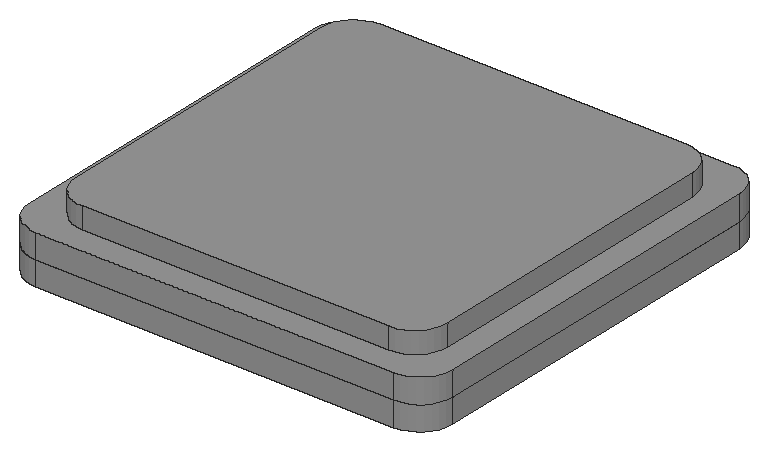
Revit family "FMS2_63_UN_Surface-mounted_ETK", category Lighting Fixtures, Revit 2019 (continued)
Definition of nested family "FMS.2 - Lightsource"
  Types (14, lengths in mm): name | Wattage Comments | Wattage | built-in parameter 1150134 | Photometric Web File | built-in parameter 1150142 | built-in parameter 1150105 | Lumens | built-in parameter 1150107 | built-in parameter 1150106 | Apparent Load
      94\t576.1206\t568.9656\t562.0968\t554.9418\t548.073\t541.2042\t534.0492\t527.1804\t519.1668\r\n511.4394\t503.9982\t496.2708\t488.5434\t480.816\t473.0886\t465.3612\t457.6338\t449.9064\t442.179\r\n434.4516\t426.7242\t418.9968\t411.2694\t403.542\t395.8146\t388.0872\t380.3598\t372.3462\t364.3326\r\n356.319\t348.3054\t340.2918\t332.5644\t324.5508\t316.5372\t308.5236\t300.7962\t292.7826\t284.8835\r\n276.9844\t269.0852\t261.1861\t253.3156\t245.4451\t237.5746\t230.391\t223.236\t216.081\t208.9546\r\n201.8282\t194.7019\t187.6041\t180.4777\t173.38\t166.2822\t159.1844\t152.1153\t145.0175\t137.9484\r\n130.9079\t123.8387\t116.7982\t107.6112\t94.7036\t81.796\t68.8597\t55.9521\t43.0445\t30.1369\r\n17.2264\t4.3159\t0\t0\t0\t0\t0\t0\t0\t0\r\n0\r\n985.1004\t983.9556\t982.5246\t981.666\t980.5212\t979.9488\t979.0902\t978.2316\t977.6592\t977.0868\r\n976.2282\t975.3696\t973.9386\t972.7938\t971.649\t970.5042\t969.3594\t968.2146\t967.0698\t965.6388\r\n964.494\t963.063\t961.632\t960.4872\t959.3424\t957.0528\t954.1908\t951.3288\t948.4668\t945.3186\r\n941.8842\t938.736\t935.5878\t932.7258\t929.8638\t927.0018\t923.8536\t920.7054\t917.271\t913.8366\r\n910.6884\t907.5402\t904.6782\t901.2438\t897.8094\t894.375\t890.6544\t887.5062\t884.0718\t879.4926\r\n875.1996\t870.3342\t865.4688\t860.8896\t856.0242\t850.8726\t846.0072\t841.1418\t836.2764\t831.411\r\n826.8318\t821.9664\t817.101\t812.2356\t807.3702\t802.2186\t797.3532\t792.4878\t787.6224\t782.757\r\n777.8916\t772.1676\t766.1574\t759.861\t753.5646\t747.5544\t741.258\t734.9616\t728.6652\t722.655\r\n716.3586\t710.0622\t703.7658\t697.4694\t690.8868\t684.5904\t678.294\t671.9976\t665.9874\t659.9772\r\n653.6808\t647.6706\t640.8018\t633.3606\t626.2056\t619.0506\t611.8956\t604.7406\t597.5856\t590.4306\r\n583.2756\t576.1206\t568.9656\t561.8106\t554.6556\t547.5006\t540.3456\t533.1906\t526.3218\t519.1668\r\n512.0118\t505.143\t497.4156\t489.6882\t481.9608\t474.2334\t466.2198\t458.4924\t450.4788\t442.7514\r\n435.024\t427.0104\t419.283\t411.2694\t403.542\t395.8146\t387.801\t380.0736\t372.3462\t364.6188\r\n356.8914\t348.8778\t340.8642\t332.8506\t324.837\t316.8234\t309.096\t301.0824\t293.355\t285.3986\r\n277.5281\t269.6863\t261.8444\t254.0311\t246.1892\t238.376\t230.5913\t222.9212\t215.852\t208.7543\r\n201.7138\t194.6446\t187.6041\t180.5636\t173.5517\t166.5398\t159.5279\t152.5446\t145.5613\t138.578\r\n131.6234\t124.6401\t117.7141\t110.7594\t101.1717\t88.2068\t75.242\t62.2771\t49.3123\t36.3474\r\n23.3682\t10.3976\t0\t0\t0\t0\t0\t0\t0\t0\r\n0\r\n985.1004\t983.9556\t982.5246\t981.666\t980.8074\t980.235\t979.3764\t978.804\t978.2316\t977.373\r\n976.5144\t975.0834\t973.9386\t972.7938\t971.649\t970.5042\t969.3594\t967.9284\t966.7836\t965.3526\r\n964.2078\t962.7768\t961.632\t960.201\t958.77\t957.339\t955.0494\t951.615\t948.4668\t945.6048\r\n943.029\t940.4532\t937.305\t933.8706\t930.7224\t927.288\t924.1398\t920.9916\t917.8434\t914.409\r\n910.9746\t907.5402\t904.1058\t900.6714\t897.237\t893.8026\t890.3682\t886.9338\t883.2132\t879.2064\r\n875.1996\t871.1928\t866.6136\t861.7482\t857.169\t852.3036\t847.4382\t842.5728\t837.4212\t832.2696\r\n827.118\t821.9664\t817.101\t811.9494\t807.084\t801.9324\t796.7808\t791.6292\t786.4776\t781.326\r\n776.4606\t771.309\t766.1574\t760.7196\t755.568\t748.9854\t742.689\t736.3926\t729.81\t723.5136\r\n717.2172\t710.9208\t704.6244\t698.0418\t691.4592\t684.8766\t678.5802\t671.9976\t665.415\t659.1186\r\n652.536\t645.9534\t639.3708\t633.0744\t626.4918\t620.1954\t613.3266\t606.4578\t599.3028\t591.8616\r\n584.4204\t577.2654\t569.8242\t562.383\t554.9418\t547.7868\t540.3456\t532.9044\t525.7494\t518.5944\r\n511.4394\t504.2844\t497.1294\t489.6882\t482.5332\t475.092\t467.0784\t459.0648\t451.3374\t443.3238\r\n435.5964\t427.5828\t419.8554\t411.8418\t404.1144\t396.1008\t388.3734\t380.646\t372.6324\t364.905\r\n357.1776\t349.164\t341.4366\t333.423\t325.6956\t317.682\t309.6684\t301.6548\t293.9274\t286.0283\r\n278.1292\t270.2873\t262.4454\t254.6321\t246.8475\t239.0629\t231.3068\t223.5508\t215.8234\t208.2105\r\n201.2272\t194.2439\t187.2893\t180.3632\t173.4372\t166.5398\t159.6424\t152.7736\t145.8761\t139.036\r\n132.1672\t125.327\t118.5154\t111.7039\t104.8923\t95.7053\t82.6259\t69.5752\t56.5245\t43.4738\r\n30.4231\t17.3781\t4.3273\t0\t0\t0\t0\t0\t0\t0\r\n0\r\n985.1004\t983.9556\t982.5246\t981.666\t981.0936\t980.5212\t979.6626\t979.0902\t978.5178\t977.6592\r\n976.5144\t975.0834\t973.9386\t972.7938\t971.649\t970.5042\t969.3594\t967.9284\t966.4974\t965.3526\r\n963.9216\t962.4906\t961.0596\t959.3424\t957.339\t955.3356\t953.6184\t952.1874\t951.0426\t948.1806\r\n944.7462\t941.598\t938.1636\t935.0154\t931.8672\t928.719\t925.2846\t921.8502\t918.1296\t914.6952\r\n910.9746\t907.5402\t904.1058\t900.6714\t896.9508\t892.944\t889.2234\t885.5028\t881.7822\t878.3478\r\n874.6272\t870.6204\t866.8998\t862.6068\t858.3138\t853.7346\t848.583\t843.7176\t838.566\t833.1282\r\n827.9766\t822.825\t817.6734\t812.5218\t807.6564\t801.9324\t796.4946\t791.0568\t785.619\t780.1812\r\n775.0296\t769.5918\t764.4402\t759.2886\t753.8508\t748.413\t742.689\t737.2512\t731.8134\t726.0894\r\n719.5068\t712.9242\t706.3416\t699.4728\t692.8902\t686.3076\t679.4388\t672.8562\t666.2736\t659.691\r\n652.8222\t646.2396\t639.3708\t632.502\t625.9194\t619.0506\t612.468\t606.1716\t599.3028\t592.7202\r\n585.8514\t578.124\t570.6828\t563.2416\t555.8004\t548.3592\t540.918\t533.4768\t526.3218\t518.8806\r\n511.4394\t503.9982\t496.557\t489.402\t481.9608\t474.5196\t467.0784\t459.9234\t452.4822\t445.041\r\n437.0274\t429.0138\t421.0002\t412.9866\t404.973\t396.9594\t388.9458\t380.9322\t373.2048\t365.1912\r\n357.4638\t349.4502\t341.4366\t333.7092\t325.6956\t317.9682\t309.9546\t301.941\t294.2136\t286.2\r\n278.4154\t270.6021\t262.7888\t255.0328\t247.2768\t239.5494\t231.8506\t224.1805\t216.5103\t208.8688\r\n201.2558\t193.6429\t186.7169\t179.9053\t173.0938\t166.3108\t159.5565\t152.8022\t146.0479\t139.3222\r\n132.6251\t125.928\t119.2309\t112.5625\t105.9226\t99.2828\t91.2406\t78.0467\t64.8529\t51.6877\r\n38.4939\t25.3144\t12.1292\t0\t0\t0\t0\t0\t0\t0\r\n0\r\n985.1004\t983.9556\t982.8108\t981.666\t981.3798\t980.8074\t980.235\t979.6626\t979.0902\t977.6592\r\n976.5144\t975.3696\t974.2248\t973.08\t971.9352\t970.7904\t969.3594\t967.9284\t966.4974\t965.0664\r\n963.6354\t962.2044\t960.201\t957.9114\t956.1942\t955.0494\t953.6184\t951.9012\t949.6116\t947.6082\r\n945.6048\t943.3152\t940.167\t937.0188\t933.5844\t929.8638\t926.1432\t922.4226\t918.9882\t915.5538\r\n912.1194\t908.3988\t904.392\t900.9576\t897.237\t893.5164\t889.5096\t885.789\t881.7822\t877.4892\r\n873.1962\t869.1894\t865.1826\t860.8896\t856.5966\t852.3036\t848.0106\t844.0038\t839.997\t835.704\r\n830.2662\t824.5422\t819.1044\t813.3804\t807.9426\t802.5048\t797.3532\t791.9154\t786.4776\t781.0398\r\n775.3158\t769.878\t764.154\t758.7162\t752.9922\t747.2682\t741.5442\t735.8202\t730.0962\t724.3722\r\n718.6482\t712.9242\t707.2002\t701.4762\t695.7522\t688.5972\t681.4422\t674.2872\t667.4184\t660.8358\r\n654.2532\t647.3844\t640.5156\t633.3606\t626.4918\t619.3368\t612.468\t605.313\t598.4442\t591.5754\r\n584.7066\t577.8378\t570.6828\t563.814\t556.9452\t550.0764\t542.349\t534.9078\t527.4666\t519.7392\r\n512.298\t504.5706\t496.8432\t489.1158\t481.3884\t473.9472\t466.506\t459.0648\t451.6236\t444.1824\r\n436.7412\t429.3\t421.8588\t414.4176\t406.404\t398.1042\t390.0906\t382.077\t374.0634\t366.0498\r\n358.0362\t350.0226\t342.009\t333.9954\t325.9818\t318.2544\t310.2408\t302.5134\t294.4998\t286.7724\r\n278.9019\t271.0886\t263.304\t255.548\t247.8492\t240.1504\t232.4803\t224.8387\t217.1972\t209.6129\r\n202.0572\t194.5301\t187.0317\t179.5619\t172.3783\t165.7098\t159.0413\t152.4301\t145.8189\t139.2363\r\n132.6823\t126.157\t119.6316\t113.1349\t106.6381\t100.17\t93.7305\t87.291\t74.412\t61.0178\r\n47.6523\t34.2868\t20.9069\t7.5271\t0\t0\t0\t0\t0\t0\r\n0\r\n985.1004\t983.9556\t982.8108\t981.9522\t981.666\t981.0936\t980.5212\t980.235\t979.0902\t977.9454\r\n976.8006\t975.6558\t974.511\t973.3662\t972.2214\t971.0766\t969.6456\t968.2146\t966.7836\t965.3526\r\n963.3492\t961.3458\t959.3424\t957.9114\t956.4804\t954.7632\t952.7598\t950.4702\t948.4668\t946.4634\r\n944.46\t942.4566\t940.167\t937.305\t934.443\t931.2948\t927.8604\t924.7122\t920.9916\t917.271\r\n913.5504\t909.8298\t906.1092\t902.1024\t898.0956\t894.0888\t890.082\t885.789\t881.7822\t877.4892\r\n873.4824\t868.9032\t864.6102\t860.3172\t856.3104\t851.7312\t847.152\t842.5728\t837.9936\t833.1282\r\n828.549\t823.9698\t819.6768\t815.0976\t810.5184\t805.653\t799.929\t794.205\t788.1948\t782.4708\r\n776.7468\t771.0228\t765.0126\t759.2886\t752.9922\t746.982\t741.258\t735.2478\t729.5238\t723.2274\r\n717.2172\t711.207\t705.483\t699.759\t693.7488\t687.4524\t681.4422\t675.1458\t668.8494\t662.553\r\n656.2566\t649.674\t642.519\t635.364\t628.209\t621.054\t613.899\t606.744\t599.589\t592.7202\r\n585.5652\t578.124\t570.6828\t563.2416\t556.0866\t548.9316\t542.0628\t534.9078\t527.7528\t520.5978\r\n513.1566\t506.0016\t498.2742\t490.5468\t482.8194\t475.092\t467.3646\t459.351\t451.6236\t443.8962\r\n436.1688\t428.7276\t421.0002\t413.559\t405.8316\t398.1042\t390.663\t382.9356\t375.4944\t367.767\r\n359.4672\t351.1674\t343.1538\t335.1402\t326.8404\t318.8268\t310.8132\t302.7996\t295.0722\t287.0586\r\n279.1309\t271.3176\t263.533\t255.7769\t248.0782\t240.408\t232.7665\t225.1822\t217.6265\t210.128\r\n202.6582\t195.217\t187.8331\t180.4777\t173.151\t165.8529\t158.612\t151.8291\t145.361\t138.9501\r\n132.5392\t126.157\t119.8033\t113.4783\t107.1533\t100.8569\t94.5891\t88.3499\t82.1394\t71.8362\r\n58.1558\t44.5041\t30.8237\t17.1548\t3.4802\t0\t0\t0\t0\t0\r\n0\r\n985.1004\t983.9556\t982.8108\t982.2384\t981.9522\t981.3798\t981.0936\t980.5212\t979.3764\t978.2316\r\n977.0868\t975.942\t974.7972\t973.6524\t972.5076\t971.0766\t969.6456\t968.2146\t966.7836\t965.0664\r\n963.063\t961.0596\t959.6286\t958.1976\t956.1942\t954.1908\t951.9012\t949.8978\t947.8944\t945.6048\r\n943.6014\t940.7394\t938.1636\t935.5878\t933.2982\t930.7224\t928.1466\t925.5708\t922.7088\t919.8468\r\n916.1262\t912.1194\t907.8264\t904.1058\t900.099\t895.806\t891.513\t887.5062\t883.2132\t878.634\r\n874.341\t870.048\t865.4688\t860.8896\t856.3104\t851.7312\t846.8658\t842.2866\t837.7074\t832.842\r\n828.2628\t823.6836\t818.532\t813.6666\t808.515\t803.6496\t798.498\t793.3464\t788.481\t783.0432\r\n777.6054\t772.1676\t767.016\t761.292\t755.2818\t748.9854\t742.9752\t736.965\t731.241\t724.6584\r\n718.0758\t711.7794\t705.483\t699.1866\t692.604\t686.0214\t679.725\t673.4286\t667.4184\t660.8358\r\n654.2532\t647.9568\t641.6604\t635.364\t628.7814\t622.1988\t615.33\t608.7474\t602.1648\t595.0098\r\n587.8548\t580.4136\t572.9724\t565.245\t557.8038\t550.3626\t542.6352\t535.194\t527.7528\t520.0254\r\n512.5842\t505.4292\t498.2742\t490.5468\t482.8194\t475.3782\t467.937\t460.4958\t453.3408\t445.6134\r\n437.5998\t429.5862\t421.5726\t413.559\t405.5454\t397.5318\t389.8044\t381.7908\t374.0634\t366.6222\r\n358.8948\t351.4536\t343.7262\t335.9988\t328.2714\t320.2578\t312.2442\t303.9444\t295.9308\t287.9172\r\n279.9036\t271.9472\t264.0481\t256.2349\t248.4788\t240.7801\t233.1099\t225.5256\t217.9413\t210.4715\r\n203.0589\t195.6749\t188.3482\t181.0787\t173.8379\t166.6256\t159.4993\t152.4015\t145.361\t138.3491\r\n131.8237\t125.6132\t119.4313\t113.278\t107.1533\t101.0858\t95.047\t89.0082\t83.0266\t77.045\r\n70.4624\t56.3528\t42.2431\t28.1277\t14.0009\t0\t0\t0\t0\t0\r\n0\r\n985.1004\t983.9556\t982.8108\t982.5246\t982.2384\t981.666\t981.3798\t980.8074\t979.6626\t978.5178\r\n977.373\t976.2282\t975.3696\t974.2248\t973.08\t971.649\t970.218\t968.787\t967.0698\t965.0664\r\n963.063\t961.632\t960.201\t958.1976\t955.908\t953.9046\t951.9012\t949.6116\t947.322\t945.0324\r\n942.4566\t939.8808\t937.305\t935.0154\t932.4396\t929.5776\t927.0018\t924.1398\t921.2778\t917.8434\r\n914.6952\t911.547\t908.3988\t905.2506\t901.8162\t898.3818\t894.375\t890.082\t885.5028\t881.2098\r\n876.6306\t872.0514\t867.4722\t862.893\t858.0276\t853.4484\t848.583\t843.7176\t838.8522\t833.9868\r\n829.1214\t823.9698\t818.8182\t813.3804\t808.2288\t802.791\t797.6394\t792.4878\t787.05\t781.6122\r\n776.1744\t770.7366\t765.2988\t760.1472\t754.7094\t748.6992\t742.9752\t737.2512\t731.8134\t725.8032\r\n719.793\t713.4966\t707.7726\t701.4762\t694.6074\t687.7386\t680.8698\t674.5734\t668.277\t661.4082\r\n654.8256\t647.9568\t640.8018\t633.933\t627.3504\t620.4816\t613.899\t607.0302\t600.1614\t593.2926\r\n586.4238\t579.555\t572.6862\t565.8174\t558.9486\t552.0798\t545.211\t538.3422\t530.901\t523.1736\r\n515.4462\t507.7188\t499.7052\t491.6916\t483.9642\t475.9506\t468.2232\t460.4958\t452.7684\t445.041\r\n437.3136\t429.8724\t422.145\t414.1314\t406.404\t398.6766\t391.2354\t383.2218\t375.2082\t367.1946\r\n359.181\t351.1674\t343.44\t335.4264\t327.4128\t319.6854\t311.958\t304.2306\t296.5032\t288.7758\r\n281.1056\t273.55\t265.4505\t257.4083\t249.4233\t241.5242\t233.6537\t225.9263\t218.2561\t210.6718\r\n203.1448\t195.6749\t188.2624\t180.9929\t173.8379\t166.7687\t159.7855\t152.8594\t146.0192\t139.2077\r\n132.482\t125.7849\t119.1451\t112.8487\t106.8671\t100.9427\t95.0756\t89.2658\t83.4845\t77.7319\r\n72.0079\t66.3125\t55.8376\t41.0411\t26.2102\t11.3679\t0\t0\t0\t0\r\n0\r\n985.1004\t983.9556\t982.8108\t982.5246\t982.5246\t982.2384\t981.9522\t981.0936\t979.9488\t979.0902\r\n977.9454\t976.8006\t975.942\t975.0834\t973.3662\t972.2214\t970.7904\t969.3594\t967.356\t965.3526\r\n963.6354\t962.2044\t960.201\t958.1976\t956.1942\t953.9046\t951.9012\t949.6116\t947.322\t944.7462\r\n942.1704\t939.8808\t937.5912\t934.7292\t931.8672\t929.0052\t926.1432\t922.995\t919.8468\t916.6986\r\n913.2642\t910.116\t906.6816\t903.5334\t899.8128\t896.3784\t892.6578\t888.651\t884.9304\t881.2098\r\n877.203\t873.4824\t869.1894\t865.1826\t860.8896\t856.5966\t851.7312\t846.5796\t841.7142\t836.5626\r\n831.411\t825.687\t820.2492\t815.3838\t810.2322\t805.0806\t799.3566\t793.9188\t788.481\t782.757\r\n777.033\t771.5952\t765.8712\t760.1472\t754.4232\t748.6992\t742.4028\t736.1064\t730.0962\t724.3722\r\n718.362\t711.7794\t705.483\t699.759\t693.7488\t687.4524\t681.4422\t674.8596\t668.5632\t661.9806\r\n655.6842\t649.3878\t642.8052\t636.5088\t629.64\t622.485\t615.33\t608.4612\t601.3062\t594.1512\r\n586.71\t579.555\t572.1138\t564.9588\t557.8038\t550.6488\t543.4938\t536.0526\t528.6114\t521.1702\r\n514.0152\t506.8602\t499.7052\t492.264\t484.8228\t477.6678\t470.5128\t463.0716\t455.9166\t448.4754\r\n440.1756\t431.8758\t423.8622\t415.5624\t407.5488\t399.8214\t391.8078\t383.7942\t375.4944\t367.4808\r\n359.4672\t351.4536\t343.7262\t335.9988\t328.2714\t320.544\t312.5304\t304.5168\t296.5032\t288.4896\r\n280.5905\t272.72\t264.9067\t257.2079\t249.4519\t241.8104\t234.2833\t226.8994\t219.6299\t211.9025\r\n204.2037\t196.5622\t189.0351\t181.5939\t174.2958\t167.0836\t159.9572\t152.9453\t146.0479\t139.3222\r\n132.6537\t126.0425\t119.5171\t113.1062\t106.724\t100.4276\t94.3315\t88.722\t83.1983\t77.7319\r\n72.2941\t66.9136\t61.5616\t56.2383\t41.2987\t25.2629\t9.2013\t0\t0\t0\r\n0\r\n985.1004\t983.9556\t983.097\t982.8108\t982.8108\t982.5246\t982.2384\t981.666\t980.5212\t979.3764\r\n978.5178\t977.6592\t976.8006\t975.6558\t974.2248\t972.7938\t971.3628\t969.9318\t967.9284\t965.925\r\n964.494\t962.7768\t960.7734\t958.77\t956.4804\t954.477\t952.4736\t950.184\t947.6082\t945.3186\r\n942.7428\t940.4532\t937.5912\t935.0154\t932.1534\t929.2914\t926.1432\t922.7088\t919.5606\t916.1262\r\n912.978\t909.8298\t906.3954\t902.6748\t898.9542\t895.2336\t891.2268\t887.5062\t883.4994\t879.4926\r\n875.4858\t871.1928\t867.186\t862.893\t858.6\t854.307\t850.014\t845.4348\t840.8556\t835.704\r\n830.5524\t825.9732\t821.9664\t817.101\t812.2356\t807.084\t802.2186\t797.067\t791.6292\t786.1914\r\n780.7536\t775.0296\t769.3056\t763.2954\t756.7128\t750.4164\t744.4062\t738.6822\t732.3858\t725.8032\r\n719.793\t713.4966\t707.2002\t700.9038\t694.6074\t688.0248\t681.7284\t675.1458\t668.5632\t661.9806\r\n655.1118\t648.5292\t641.9466\t635.0778\t628.4952\t621.6264\t614.7576\t607.8888\t601.02\t593.865\r\n586.9962\t579.8412\t573.2586\t566.1036\t558.9486\t551.7936\t544.6386\t537.4836\t530.0424\t522.8874\r\n515.4462\t508.005\t500.2776\t492.5502\t484.8228\t477.0954\t469.368\t461.6406\t453.9132\t446.472\r\n438.7446\t431.0172\t423.0036\t414.99\t407.5488\t399.8214\t392.094\t384.6528\t376.9254\t369.4842\r\n361.7568\t354.0294\t346.302\t338.0022\t329.7024\t321.4026\t313.389\t305.0892\t297.0756\t288.7758\r\n280.9625\t273.1779\t265.4791\t257.6659\t249.9098\t242.2397\t234.5409\t226.6418\t218.9144\t211.3301\r\n203.8316\t196.4191\t189.121\t181.9087\t174.8396\t167.9135\t160.8444\t153.718\t146.7061\t139.8087\r\n133.0544\t126.4432\t119.9464\t113.5069\t107.2678\t101.1145\t95.0756\t89.1513\t83.3128\t77.5602\r\n72.2369\t67.0567\t61.9337\t56.8966\t51.8881\t43.9317\t25.7237\t7.4355\t0\t0\r\n0\r\n985.1004\t984.2418\t983.097\t983.097\t983.097\t983.097\t982.8108\t981.9522\t981.0936\t979.9488\r\n979.0902\t978.2316\t977.6592\t976.2282\t974.7972\t973.6524\t972.2214\t970.5042\t968.787\t967.0698\r\n965.6388\t963.6354\t961.632\t959.6286\t957.6252\t955.3356\t953.3322\t951.0426\t948.753\t946.4634\r\n943.8876\t941.3118\t938.4498\t935.874\t933.012\t929.8638\t926.7156\t923.2812\t920.133\t916.6986\r\n913.5504\t910.4022\t906.6816\t902.961\t899.2404\t895.2336\t891.513\t887.5062\t883.4994\t879.2064\r\n874.9134\t870.9066\t866.6136\t862.3206\t858.0276\t853.7346\t848.8692\t844.29\t839.1384\t833.9868\r\n829.4076\t824.8284\t819.963\t815.0976\t809.946\t805.0806\t799.6428\t794.205\t789.0534\t783.9018\r\n778.464\t773.0262\t767.3022\t761.292\t755.568\t749.844\t744.12\t738.396\t732.3858\t726.6618\r\n720.6516\t714.6414\t708.6312\t702.9072\t697.1832\t690.8868\t684.5904\t678.0078\t671.7114\t665.7012\r\n659.4048\t652.8222\t645.6672\t638.5122\t631.6434\t624.7746\t617.9058\t610.7508\t603.3096\t596.4408\r\n589.572\t581.8446\t574.4034\t567.2484\t560.3796\t552.6522\t544.9248\t537.4836\t530.0424\t522.6012\r\n515.16\t507.4326\t499.9914\t492.5502\t485.109\t477.3816\t469.6542\t462.213\t454.4856\t446.472\r\n439.0308\t431.3034\t423.576\t415.8486\t408.1212\t400.3938\t392.6664\t384.939\t377.2116\t369.7704\r\n361.4706\t353.457\t345.1572\t337.1436\t329.13\t321.1164\t313.1028\t305.0892\t297.0756\t289.3482\r\n281.5063\t273.7503\t266.0515\t258.41\t250.8543\t243.3559\t235.97
      19\t228.3304\t220.3454\t212.389\r\n204.5471\t197.0201\t189.5789\t182.2235\t174.9827\t167.8277\t160.7872\t153.7466\t146.7347\t139.8946\r\n133.2261\t126.7294\t120.433\t114.2797\t108.0119\t101.7155\t95.5908\t89.5806\t83.7421\t78.0754\r\n72.5517\t67.1998\t61.9909\t56.9824\t52.3746\t47.9099\t43.5024\t29.5358\t6.1018\t0\r\n0\r\n985.1004\t984.2418\t983.097\t983.3832\t983.3832\t983.3832\t983.3832\t982.5246\t981.666\t980.5212\r\n979.6626\t979.0902\t978.5178\t977.0868\t975.6558\t974.511\t973.3662\t971.649\t969.6456\t968.2146\r\n966.7836\t964.7802\t962.7768\t960.7734\t958.77\t956.7666\t954.477\t952.4736\t950.184\t947.8944\r\n945.6048\t943.029\t940.167\t937.305\t934.443\t931.2948\t928.1466\t924.9984\t921.564\t918.4158\r\n915.5538\t911.8332\t908.1126\t904.392\t900.6714\t896.9508\t892.944\t888.9372\t884.6442\t880.3512\r\n876.3444\t872.0514\t867.7584\t863.7516\t859.4586\t854.5932\t850.014\t844.8624\t839.7108\t834.8454\r\n830.2662\t825.4008\t820.8216\t815.67\t810.5184\t805.3668\t799.929\t794.4912\t789.3396\t783.9018\r\n778.1778\t772.4538\t766.7298\t761.0058\t754.9956\t749.2716\t743.5476\t737.8236\t731.8134\t725.517\r\n719.5068\t713.4966\t707.4864\t701.4762\t695.1798\t688.8834\t682.3008\t676.0044\t669.4218\t662.8392\r\n655.9704\t649.3878\t642.8052\t636.2226\t629.64\t623.0574\t615.9024\t609.0336\t602.1648\t595.296\r\n588.141\t581.2722\t574.4034\t567.2484\t559.8072\t552.366\t545.211\t538.056\t530.6148\t523.4598\r\n516.0186\t508.8636\t501.4224\t493.9812\t486.54\t479.0988\t471.6576\t464.2164\t456.2028\t448.4754\r\n441.0342\t433.3068\t425.8656\t418.1382\t410.1246\t402.3972\t394.6698\t386.9424\t378.9288\t370.9152\r\n362.9016\t354.888\t346.8744\t338.5746\t330.561\t322.2612\t314.2476\t305.9478\t297.9342\t289.9206\r\n282.1073\t274.2655\t266.2232\t258.1524\t250.3391\t242.6404\t234.9702\t227.3287\t219.6871\t212.0456\r\n204.5185\t197.1059\t189.7792\t182.6528\t175.2975\t168.028\t160.8444\t153.7753\t146.792\t140.1808\r\n133.684\t127.3018\t121.0912\t114.9093\t108.2695\t101.7727\t95.5336\t89.5234\t83.7994\t78.0754\r\n72.5803\t67.3715\t62.2771\t57.1255\t52.2029\t47.7382\t43.6455\t40.4973\t37.9215\t5.3577\r\n0" | 222.82 (stored number, unit not read) | 2800 lm | 4000 (stored number, unit not read) | 2.2282 (stored number, unit not read) | 38 VA
